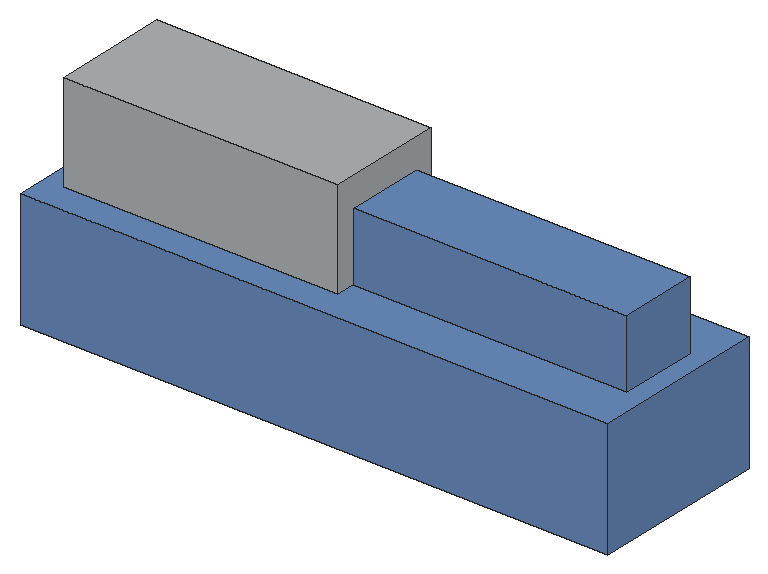
Revit family "LD_Injection Molding Machine", category Mechanical Equipment, Revit 2025
Family settings
  Round Connector Dimension = Use Diameter
  Part Type = Normal
  OmniClass Number = 23.75.00.00
  OmniClass Title = Climate Control (HVAC)
  Work Plane-Based = No
  Always vertical = Yes
  Cut with Voids When Loaded = No
  Maintain Annotation Orientation = No
  Shared = No
  Room Calculation Point = No
Parameters (values of type "55 kW")
  EL Voltage [instance] = 400 V
  EL Number of Poles [instance] = 3
  EL Apparent Load [instance] = 64700 VA
  Default Elevation = 0 mm
Reference planes
  plane 1 "Center (Front/Back)": y = 0
  plane 2: z = 0
  plane 3 "Center (Left/Right)": x = 0
Forms (mm)
  Extrusion 1, solid, material "Machine Blue"
    sketch origin (0, 0, 0) x (1, 0, 0) y (0, 1, 0)
      loop
        line (-3000, -900) -> (3000, -900) -> (3000, 900) -> (-3000, 900) -> (-3000, -900)
    from 0 to 1200
  Extrusion 2, solid, material "Machine Steel"
    sketch origin (0, 0, 1200) x (1, 0, 0) y (0, 1, 0)
      loop
        line (-2800, -600) -> (0, -600) -> (0, 600) -> (-2800, 600) -> (-2800, -600)
    from 0 to 1000
  Extrusion 3, solid, material "Machine Blue"
    sketch origin (0, 0, 1200) x (1, 0, 0) y (0, 1, 0)
      loop
        line (0, -400) -> (2800, -400) -> (2800, 400) -> (0, 400) -> (0, -400)
    from 0 to 700
Dimensions and locks
  aligned and locked: level to plane 2
Connectors
  electrical at (0, 0, 1200), driven by "EL Voltage", driven by "EL Number of Poles", driven by "EL Apparent Load"
    settings: on Extrusion 1, index 1, voltage 400 V, apparent load 64700 VA, apparent load phase1 0 VA, apparent load phase2 0 VA, apparent load phase3 0 VA, power factor 0.85, load classification "Other", number of poles 3, system type 30, power factor state 1, is connector primary yes, connector utility no, sub classification motor no, connector description ""
